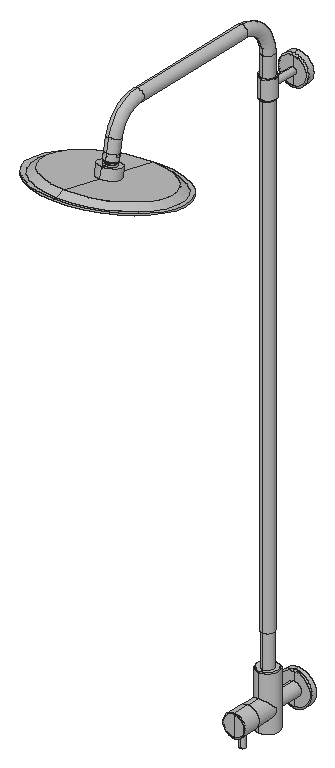
Revit family "Reece_Shower_Milli_Inox_Overhead Rail Shower", category Plumbing Fixtures, Revit 2018 (continued)
Definition of nested family "Reece_Shower_Milli_Inox_Shower Head_250 mm_Nested"
  Forms (mm)
    Revolve 102, solid, material <- "Reece_Material_Main", detail levels fine
      sketch origin (54.852, -168.816, 0) x (0, 1, 0) y (0, 0, 1)
        loop
          line (84.406, 47.5) -> (84.406, 53.464) -> (83.54, 53.464) -> (83.54, 54.266) -> (82.732, 54.266)
          arc (82.732, 54.266) -> (82.288, 50.832) -> (81.352, 47.5) r 23.819
          line (81.352, 47.5) -> (84.406, 47.5)
        axis (84.406, 47.5) -> (84.406, 54.266)
      angle from 0 to 360
    Revolve 103, solid, material <- "Reece_Material_Main", detail levels fine
      sketch origin (68.8, -158.162, 0) x (0, 1, 0) y (0, 0, 1)
        loop
          line (84.406, 47.5) -> (84.406, 53.464) -> (83.54, 53.464) -> (83.54, 54.266) -> (82.732, 54.266)
          arc (82.732, 54.266) -> (82.288, 50.832) -> (81.352, 47.5) r 23.819
          line (81.352, 47.5) -> (84.406, 47.5)
        axis (84.406, 47.5) -> (84.406, 54.266)
      angle from 0 to 360
    Revolve 104, solid, material <- "Reece_Material_Main", detail levels fine
      sketch origin (80.523, -144.987, 0) x (0, 1, 0) y (0, 0, 1)
        loop
          line (84.406, 47.5) -> (84.406, 53.464) -> (83.54, 53.464) -> (83.54, 54.266) -> (82.732, 54.266)
          arc (82.732, 54.266) -> (82.288, 50.832) -> (81.352, 47.5) r 23.819
          line (81.352, 47.5) -> (84.406, 47.5)
        axis (84.406, 47.5) -> (84.406, 54.266)
      angle from 0 to 360
  Cuts and joins
    Extrusion 93 cuts Revolve 3
    joined: Revolve 2, Revolve 3
  Text (mm)
    text "Reece Copyright © 2018, Reece Ltd." at (-323.41, -223.434, 0), in view "Ref. Level"
    text "Reece ©" at (290.323, 26.521, 334.836), in view "Reece_Preview"
  Dimensions and locks
    equal spacing: plane 7, plane 1 "Center (Front/Back)", plane 6
    equal spacing: plane 4, plane 3 "Center (Left/Right)", plane 5
    plane 4 to plane 5 = 250 mm  (x2)
    plane 9 to level = 47.5 mm
    plane 5 to plane 4 = 250 mm
    plane 6 to plane 7 = 250 mm  (x2)
    plane 7 to plane 6 = 250 mm
    plane 8 to plane 9 = 11.5 mm
    cut or joined group of Revolve 2, Revolve 3, Extrusion 93 to cut or joined group of Revolve 2, Revolve 3, Extrusion 93 to plane 9 = 9 mm, 2.5 mm
    plane 9 to cut or joined group of Revolve 2, Revolve 3, Extrusion 93 to cut or joined group of Revolve 2, Revolve 3, Extrusion 93 = 2.5 mm, 9 mm
    plane 9 to plane 8 = 11.5 mm
    aligned and locked: plane 2 to Extrusion 1
    aligned and locked: level to Extrusion 1
    aligned and locked: Revolve 2 sketch curve to plane 1 "Center (Front/Back)"
  Automatic sketch dimensions
    Extrusion 1 sketch curve to Extrusion 1 sketch curve = 407.898 mm
    Extrusion 1 sketch curve to Extrusion 1 sketch curve = 410.737 mm
    Revolve 2 sketch curve to plane 1 "Center (Front/Back)" = 0 mm
    plane 8 to Revolve 2 sketch curve = 0 mm
    Revolve 2 sketch curve to plane 9 = 0 mm
    Revolve 2 sketch curve to plane 6 = 21.857 mm
    plane 9 to Revolve 2 sketch curve = 2.5 mm
    Revolve 2 sketch curve to plane 6 = 7.998 mm
    Revolve 2 sketch curve to level = 19.956 mm
    Revolve 2 sketch curve to Revolve 2 sketch curve = 93.544 mm
    Revolve 3 sketch curve to level = 0 mm
    Revolve 3 sketch curve to plane 1 "Center (Front/Back)" = 0 mm  (x2)
    plane 8 to Revolve 3 sketch curve = 0 mm
    Revolve 3 sketch curve to plane 1 "Center (Front/Back)" = 8.5 mm
    Revolve 3 sketch curve to Revolve 3 sketch curve = 2.5 mm  (x2)
    Revolve 3 sketch curve to Revolve 3 sketch curve = 1 mm
    Revolve 3 sketch curve to Revolve 3 sketch curve = 9 mm
    Revolve 3 sketch curve to Revolve 3 sketch curve = 10.5 mm
    Revolve 3 sketch curve to Revolve 3 sketch curve = 2 mm
    Revolve 3 sketch curve to Revolve 3 sketch curve = 3 mm
    Revolve 3 sketch curve to Revolve 3 sketch curve = 1.166 mm
    Revolve 3 sketch curve to Revolve 3 sketch curve = 1.834 mm
    Revolve 3 sketch curve to level = 18.103 mm
    Revolve 3 sketch curve to plane 9 = 2.648 mm
    Revolve 4 sketch curve to plane 9 = 0 mm  (x2)
    Revolve 4 sketch curve to plane 9 = 8.093 mm
    plane 1 "Center (Front/Back)" to Revolve 4 sketch curve = 20.141 mm
    Revolve 4 sketch curve to plane 1 "Center (Front/Back)" = 2.261 mm
    Revolve 4 sketch curve to plane 1 "Center (Front/Back)" = 3.641 mm
    Revolve 4 sketch curve to Revolve 4 sketch curve = 0.808 mm
    Revolve 4 sketch curve to Revolve 4 sketch curve = 3.055 mm
    Revolve 4 sketch curve to Revolve 4 sketch curve = 0.802 mm
    Revolve 4 sketch curve to Revolve 4 sketch curve = 0 mm  (x2)
    Revolve 5 sketch curve to plane 9 = 0 mm  (x2)
    Revolve 5 sketch curve to plane 9 = 8.093 mm
    Revolve 5 sketch curve to plane 1 "Center (Front/Back)" = 19.789 mm
    plane 1 "Center (Front/Back)" to Revolve 5 sketch curve = 2.612 mm
    plane 1 "Center (Front/Back)" to Revolve 5 sketch curve = 3.992 mm
    Revolve 5 sketch curve to Revolve 5 sketch curve = 0.808 mm
    Revolve 5 sketch curve to Revolve 5 sketch curve = 3.055 mm
    Revolve 5 sketch curve to Revolve 5 sketch curve = 0.802 mm
    Revolve 5 sketch curve to Revolve 5 sketch curve = 0 mm  (x2)
    plane 9 to Revolve 6 sketch curve = 0 mm  (x2)
    Revolve 6 sketch curve to plane 9 = 8.093 mm
    plane 1 "Center (Front/Back)" to Revolve 6 sketch curve = 20.085 mm
    Revolve 6 sketch curve to plane 1 "Center (Front/Back)" = 2.316 mm
    Revolve 6 sketch curve to plane 1 "Center (Front/Back)" = 3.696 mm
    Revolve 6 sketch curve to Revolve 6 sketch curve = 0.808 mm
    Revolve 6 sketch curve to Revolve 6 sketch curve = 3.055 mm
    Revolve 6 sketch curve to Revolve 6 sketch curve = 0.802 mm
    Revolve 6 sketch curve to Revolve 6 sketch curve = 0 mm  (x2)
    plane 9 to Revolve 7 sketch curve = 0 mm  (x2)
    Revolve 7 sketch curve to plane 9 = 8.093 mm
    Revolve 7 sketch curve to plane 1 "Center (Front/Back)" = 19.734 mm
    plane 1 "Center (Front/Back)" to Revolve 7 sketch curve = 2.668 mm
    plane 1 "Center (Front/Back)" to Revolve 7 sketch curve = 4.048 mm
    Revolve 7 sketch curve to Revolve 7 sketch curve = 0.808 mm
    Revolve 7 sketch curve to Revolve 7 sketch curve = 3.055 mm
    Revolve 7 sketch curve to Revolve 7 sketch curve = 0.802 mm
    Revolve 7 sketch curve to Revolve 7 sketch curve = 0 mm  (x2)
    Revolve 8 sketch curve to plane 9 = 0 mm  (x2)
    Revolve 8 sketch curve to plane 1 "Center (Front/Back)" = 3.601 mm
    Revolve 8 sketch curve to Revolve 8 sketch curve = 22.402 mm
    Revolve 8 sketch curve to plane 9 = 6.766 mm
    Revolve 8 sketch curve to Revolve 8 sketch curve = 1.38 mm
    Revolve 8 sketch curve to Revolve 8 sketch curve = 0.808 mm
    Revolve 8 sketch curve to Revolve 8 sketch curve = 3.055 mm
    Revolve 8 sketch curve to Revolve 8 sketch curve = 0.802 mm
    Revolve 8 sketch curve to Revolve 8 sketch curve = 0 mm  (x2)
    Revolve 9 sketch curve to plane 9 = 0 mm  (x2)
    plane 1 "Center (Front/Back)" to Revolve 9 sketch curve = 3.051 mm
    Revolve 9 sketch curve to Revolve 9 sketch curve = 22.402 mm
    Revolve 9 sketch curve to plane 9 = 6.766 mm
    Revolve 9 sketch curve to Revolve 9 sketch curve = 1.38 mm
    Revolve 9 sketch curve to Revolve 9 sketch curve = 0.808 mm
    Revolve 9 sketch curve to Revolve 9 sketch curve = 3.055 mm
    Revolve 9 sketch curve to Revolve 9 sketch curve = 0.802 mm
    Revolve 9 sketch curve to Revolve 9 sketch curve = 0 mm  (x2)
    Revolve 10 sketch curve to plane 9 = 0 mm  (x2)
    plane 1 "Center (Front/Back)" to Revolve 10 sketch curve = 15.716 mm
    Revolve 10 sketch curve to plane 1 "Center (Front/Back)" = 6.685 mm
    Revolve 10 sketch curve to plane 9 = 6.766 mm
    Revolve 10 sketch curve to Revolve 10 sketch curve = 1.38 mm
    Revolve 10 sketch curve to Revolve 10 sketch curve = 0.808 mm
    Revolve 10 sketch curve to Revolve 10 sketch curve = 3.055 mm
    Revolve 10 sketch curve to Revolve 10 sketch curve = 0.802 mm
    Revolve 10 sketch curve to Revolve 10 sketch curve = 0 mm  (x2)
    Revolve 11 sketch curve to plane 9 = 0 mm  (x2)
    Revolve 11 sketch curve to plane 9 = 8.093 mm
    plane 1 "Center (Front/Back)" to Revolve 11 sketch curve = 31.112 mm
    plane 1 "Center (Front/Back)" to Revolve 11 sketch curve = 8.71 mm
    Revolve 11 sketch curve to plane 9 = 6.766 mm
    Revolve 11 sketch curve to Revolve 11 sketch curve = 0.808 mm
    Revolve 11 sketch curve to Revolve 11 sketch curve = 3.055 mm
    Revolve 11 sketch curve to Revolve 11 sketch curve = 0.802 mm
    Revolve 11 sketch curve to Revolve 11 sketch curve = 0 mm  (x2)
    Revolve 12 sketch curve to plane 9 = 0 mm  (x2)
    Revolve 12 sketch curve to plane 9 = 8.093 mm
    plane 1 "Center (Front/Back)" to Revolve 12 sketch curve = 45.11 mm
    Revolve 12 sketch curve to Revolve 12 sketch curve = 22.402 mm
    Revolve 12 sketch curve to plane 9 = 6.766 mm
    Revolve 12 sketch curve to Revolve 12 sketch curve = 0.808 mm
    Revolve 12 sketch curve to Revolve 12 sketch curve = 3.055 mm
    Revolve 12 sketch curve to Revolve 12 sketch curve = 0.802 mm
    Revolve 12 sketch curve to Revolve 12 sketch curve = 0 mm  (x2)
    Revolve 13 sketch curve to plane 9 = 0 mm  (x2)
    Revolve 13 sketch curve to plane 9 = 8.093 mm
    plane 1 "Center (Front/Back)" to Revolve 13 sketch curve = 53.567 mm
    Revolve 13 sketch curve to Revolve 13 sketch curve = 22.402 mm
    Revolve 13 sketch curve to plane 9 = 6.766 mm
    Revolve 13 sketch curve to Revolve 13 sketch curve = 0.808 mm
    Revolve 13 sketch curve to Revolve 13 sketch curve = 3.055 mm
    Revolve 13 sketch curve to Revolve 13 sketch curve = 0.802 mm
    Revolve 13 sketch curve to Revolve 13 sketch curve = 0 mm  (x2)
    plane 9 to Revolve 14 sketch curve = 0 mm  (x2)
    Revolve 14 sketch curve to plane 1 "Center (Front/Back)" = 2.459 mm
    Revolve 14 sketch curve to Revolve 14 sketch curve = 22.402 mm
    Revolve 14 sketch curve to plane 9 = 6.766 mm
    Revolve 14 sketch curve to Revolve 14 sketch curve = 1.38 mm
    Revolve 14 sketch curve to Revolve 14 sketch curve = 0.808 mm
    Revolve 14 sketch curve to Revolve 14 sketch curve = 3.055 mm
    Revolve 14 sketch curve to Revolve 14 sketch curve = 0.802 mm
    Revolve 14 sketch curve to Revolve 14 sketch curve = 0 mm  (x2)
    plane 9 to Revolve 15 sketch curve = 0 mm  (x2)
    plane 1 "Center (Front/Back)" to Revolve 15 sketch curve = 6.256 mm
    Revolve 15 sketch curve to Revolve 15 sketch curve = 22.402 mm
    Revolve 15 sketch curve to plane 9 = 6.766 mm
    Revolve 15 sketch curve to Revolve 15 sketch curve = 1.38 mm
    Revolve 15 sketch curve to Revolve 15 sketch curve = 0.808 mm
    Revolve 15 sketch curve to Revolve 15 sketch curve = 3.055 mm
    Revolve 15 sketch curve to Revolve 15 sketch curve = 0.802 mm
    Revolve 15 sketch curve to Revolve 15 sketch curve = 0 mm  (x2)
    plane 9 to Revolve 16 sketch curve = 0 mm  (x2)
    plane 1 "Center (Front/Back)" to Revolve 16 sketch curve = 19.962 mm
    Revolve 16 sketch curve to plane 1 "Center (Front/Back)" = 2.439 mm
    Revolve 16 sketch curve to plane 9 = 6.766 mm
    Revolve 16 sketch curve to Revolve 16 sketch curve = 1.38 mm
    Revolve 16 sketch curve to Revolve 16 sketch curve = 0.808 mm
    Revolve 16 sketch curve to Revolve 16 sketch curve = 3.055 mm
    Revolve 16 sketch curve to Revolve 16 sketch curve = 0.802 mm
    Revolve 16 sketch curve to Revolve 16 sketch curve = 0 mm  (x2)
    plane 9 to Revolve 17 sketch curve = 0 mm  (x2)
    Revolve 17 sketch curve to plane 9 = 8.093 mm
    plane 1 "Center (Front/Back)" to Revolve 17 sketch curve = 35.516 mm
    plane 1 "Center (Front/Back)" to Revolve 17 sketch curve = 13.115 mm
    Revolve 17 sketch curve to plane 9 = 6.766 mm
    Revolve 17 sketch curve to Revolve 17 sketch curve = 0.808 mm
    Revolve 17 sketch curve to Revolve 17 sketch curve = 3.055 mm
    Revolve 17 sketch curve to Revolve 17 sketch curve = 0.802 mm
    Revolve 17 sketch curve to Revolve 17 sketch curve = 0 mm  (x2)
    plane 9 to Revolve 18 sketch curve = 0 mm  (x2)
    Revolve 18 sketch curve to plane 9 = 8.093 mm
    plane 1 "Center (Front/Back)" to Revolve 18 sketch curve = 48.206 mm
    Revolve 18 sketch curve to Revolve 18 sketch curve = 22.402 mm
    Revolve 18 sketch curve to plane 9 = 6.766 mm
    Revolve 18 sketch curve to Revolve 18 sketch curve = 0.808 mm
    Revolve 18 sketch curve to Revolve 18 sketch curve = 3.055 mm
    Revolve 18 sketch curve to Revolve 18 sketch curve = 0.802 mm
    Revolve 18 sketch curve to Revolve 18 sketch curve = 0 mm  (x2)
    plane 9 to Revolve 19 sketch curve = 0 mm  (x2)
    Revolve 19 sketch curve to plane 9 = 8.093 mm
    plane 1 "Center (Front/Back)" to Revolve 19 sketch curve = 55.037 mm
    Revolve 19 sketch curve to Revolve 19 sketch curve = 22.402 mm
    Revolve 19 sketch curve to plane 9 = 6.766 mm
    Revolve 19 sketch curve to Revolve 19 sketch curve = 0.808 mm
    Revolve 19 sketch curve to Revolve 19 sketch curve = 3.055 mm
    Revolve 19 sketch curve to Revolve 19 sketch curve = 0.802 mm
    Revolve 19 sketch curve to Revolve 19 sketch curve = 0 mm  (x2)
    Revolve 20 sketch curve to plane 9 = 0 mm  (x2)
    Revolve 20 sketch curve to plane 9 = 8.093 mm
    Revolve 20 sketch curve to plane 1 "Center (Front/Back)" = 27.302 mm
    Revolve 20 sketch curve to Revolve 20 sketch curve = 22.402 mm
    Revolve 20 sketch curve to plane 9 = 6.766 mm
    Revolve 20 sketch curve to Revolve 20 sketch curve = 0.808 mm
    Revolve 20 sketch curve to Revolve 20 sketch curve = 3.055 mm
    Revolve 20 sketch curve to Revolve 20 sketch curve = 0.802 mm
    Revolve 20 sketch curve to Revolve 20 sketch curve = 0 mm  (x2)
    Revolve 21 sketch curve to plane 9 = 0 mm  (x2)
    Revolve 21 sketch curve to plane 9 = 8.093 mm
    Revolve 21 sketch curve to plane 1 "Center (Front/Back)" = 23.054 mm
    Revolve 21 sketch curve to Revolve 21 sketch curve = 22.402 mm
    Revolve 21 sketch curve to plane 9 = 6.766 mm
    Revolve 21 sketch curve to Revolve 21 sketch curve = 0.808 mm
    Revolve 21 sketch curve to Revolve 21 sketch curve = 3.055 mm
    Revolve 21 sketch curve to Revolve 21 sketch curve = 0.802 mm
    Revolve 21 sketch curve to Revolve 21 sketch curve = 0 mm  (x2)
    Revolve 22 sketch curve to plane 9 = 0 mm  (x2)
    Revolve 22 sketch curve to plane 9 = 8.093 mm
    Revolve 22 sketch curve to plane 1 "Center (Front/Back)" = 13.932 mm
    Revolve 22 sketch curve to Revolve 22 sketch curve = 22.402 mm
    Revolve 22 sketch curve to plane 9 = 6.766 mm
    Revolve 22 sketch curve to Revolve 22 sketch curve = 0.808 mm
    Revolve 22 sketch curve to Revolve 22 sketch curve = 3.055 mm
    Revolve 22 sketch curve to Revolve 22 sketch curve = 0.802 mm
    Revolve 22 sketch curve to Revolve 22 sketch curve = 0 mm  (x2)
    Revolve 23 sketch curve to plane 9 = 0 mm  (x2)
    Revolve 23 sketch curve to plane 1 "Center (Front/Back)" = 0.928 mm
    Revolve 23 sketch curve to Revolve 23 sketch curve = 22.402 mm
    Revolve 23 sketch curve to plane 9 = 6.766 mm
    Revolve 23 sketch curve to Revolve 23 sketch curve = 1.38 mm
    Revolve 23 sketch curve to Revolve 23 sketch curve = 0.808 mm
    Revolve 23 sketch curve to Revolve 23 sketch curve = 3.055 mm
    Revolve 23 sketch curve to Revolve 23 sketch curve = 0.802 mm
    Revolve 23 sketch curve to Revolve 23 sketch curve = 0 mm  (x2)
    Revolve 24 sketch curve to plane 9 = 0 mm  (x2)
    plane 1 "Center (Front/Back)" to Revolve 24 sketch curve = 14.176 mm
    Revolve 24 sketch curve to plane 1 "Center (Front/Back)" = 8.225 mm
    Revolve 24 sketch curve to plane 9 = 6.766 mm
    Revolve 24 sketch curve to Revolve 24 sketch curve = 1.38 mm
    Revolve 24 sketch curve to Revolve 24 sketch curve = 0.808 mm
    Revolve 24 sketch curve to Revolve 24 sketch curve = 3.055 mm
    Revolve 24 sketch curve to Revolve 24 sketch curve = 0.802 mm
    Revolve 24 sketch curve to Revolve 24 sketch curve = 0 mm  (x2)
    Revolve 25 sketch curve to plane 9 = 0 mm  (x2)
    Revolve 25 sketch curve to plane 9 = 8.093 mm
    plane 1 "Center (Front/Back)" to Revolve 25 sketch curve = 31.352 mm
    plane 1 "Center (Front/Back)" to Revolve 25 sketch curve = 8.95 mm
    Revolve 25 sketch curve to plane 9 = 6.766 mm
    Revolve 25 sketch curve to Revolve 25 sketch curve = 0.808 mm
    Revolve 25 sketch curve to Revolve 25 sketch curve = 3.055 mm
    Revolve 25 sketch curve to Revolve 25 sketch curve = 0.802 mm
    Revolve 25 sketch curve to Revolve 25 sketch curve = 0 mm  (x2)
    Revolve 26 sketch curve to plane 9 = 0 mm  (x2)
    Revolve 26 sketch curve to plane 9 = 8.093 mm
    plane 1 "Center (Front/Back)" to Revolve 26 sketch curve = 48.128 mm
    Revolve 26 sketch curve to Revolve 26 sketch curve = 22.402 mm
    Revolve 26 sketch curve to plane 9 = 6.766 mm
    Revolve 26 sketch curve to Revolve 26 sketch curve = 0.808 mm
    Revolve 26 sketch curve to Revolve 26 sketch curve = 3.055 mm
    Revolve 26 sketch curve to Revolve 26 sketch curve = 0.802 mm
    Revolve 26 sketch curve to Revolve 26 sketch curve = 0 mm  (x2)
    Revolve 27 sketch curve to plane 9 = 0 mm  (x2)
    Revolve 27 sketch curve to plane 9 = 8.093 mm
    plane 1 "Center (Front/Back)" to Revolve 27 sketch curve = 61.349 mm
    Revolve 27 sketch curve to Revolve 27 sketch curve = 22.402 mm
    Revolve 27 sketch curve to plane 9 = 6.766 mm
    Revolve 27 sketch curve to Revolve 27 sketch curve = 0.808 mm
    Revolve 27 sketch curve to Revolve 27 sketch curve = 3.055 mm
    Revolve 27 sketch curve to Revolve 27 sketch curve = 0.802 mm
    Revolve 27 sketch curve to Revolve 27 sketch curve = 0 mm  (x2)
    Revolve 28 sketch curve to plane 9 = 0 mm  (x2)
    Revolve 28 sketch curve to plane 9 = 8.093 mm
    Revolve 28 sketch curve to plane 7 = 53.308 mm
    Revolve 28 sketch curve to Revolve 28 sketch curve = 22.402 mm
    Revolve 28 sketch curve to plane 9 = 6.766 mm
    Revolve 28 sketch curve to Revolve 28 sketch curve = 0.808 mm
    Revolve 28 sketch curve to Revolve 28 sketch curve = 3.055 mm
    Revolve 28 sketch curve to Revolve 28 sketch curve = 0.802 mm
    Revolve 28 sketch curve to Revolve 28 sketch curve = 0 mm  (x2)
    Revolve 29 sketch curve to plane 9 = 0 mm  (x2)
    Revolve 29 sketch curve to plane 9 = 8.093 mm
    Revolve 29 sketch curve to plane 7 = 46.336 mm
    Revolve 29 sketch curve to Revolve 29 sketch curve = 22.402 mm
    Revolve 29 sketch curve to plane 9 = 6.766 mm
    Revolve 29 sketch curve to Revolve 29 sketch curve = 0.808 mm
    Revolve 29 sketch curve to Revolve 29 sketch curve = 3.055 mm
    Revolve 29 sketch curve to Revolve 29 sketch curve = 0.802 mm
    Revolve 29 sketch curve to Revolve 29 sketch curve = 0 mm  (x2)
    Revolve 30 sketch curve to plane 9 = 0 mm  (x2)
    Revolve 30 sketch curve to plane 9 = 8.093 mm
    Revolve 30 sketch curve to plane 7 = 50.625 mm
    Revolve 30 sketch curve to Revolve 30 sketch curve = 22.402 mm
    Revolve 30 sketch curve to plane 9 = 6.766 mm
    Revolve 30 sketch curve to Revolve 30 sketch curve = 0.808 mm
    Revolve 30 sketch curve to Revolve 30 sketch curve = 3.055 mm
    Revolve 30 sketch curve to Revolve 30 sketch curve = 0.802 mm
    Revolve 30 sketch curve to Revolve 30 sketch curve = 0 mm  (x2)
    Revolve 31 sketch curve to plane 9 = 0 mm  (x2)
    Revolve 31 sketch curve to plane 9 = 8.093 mm
    Revolve 31 sketch curve to plane 7 = 59.641 mm
    Revolve 31 sketch curve to Revolve 31 sketch curve = 22.402 mm
    Revolve 31 sketch curve to plane 9 = 6.766 mm
    Revolve 31 sketch curve to Revolve 31 sketch curve = 0.808 mm
    Revolve 31 sketch curve to Revolve 31 sketch curve = 3.055 mm
    Revolve 31 sketch curve to Revolve 31 sketch curve = 0.802 mm
    Revolve 31 sketch curve to Revolve 31 sketch curve = 0 mm  (x2)
    Revolve 32 sketch curve to plane 9 = 0 mm  (x2)
    Revolve 32 sketch curve to plane 9 = 8.093 mm
    plane 1 "Center (Front/Back)" to Revolve 32 sketch curve = 77.693 mm
    Revolve 32 sketch curve to Revolve 32 sketch curve = 22.402 mm
    Revolve 32 sketch curve to plane 9 = 6.766 mm
    Revolve 32 sketch curve to Revolve 32 sketch curve = 0.808 mm
    Revolve 32 sketch curve to Revolve 32 sketch curve = 3.055 mm
    Revolve 32 sketch curve to Revolve 32 sketch curve = 0.802 mm
    Revolve 32 sketch curve to Revolve 32 sketch curve = 0 mm  (x2)
    Revolve 33 sketch curve to plane 9 = 0 mm  (x2)
    Revolve 33 sketch curve to plane 9 = 8.093 mm
    plane 1 "Center (Front/Back)" to Revolve 33 sketch curve = 52.601 mm
    Revolve 33 sketch curve to Revolve 33 sketch curve = 22.402 mm
    Revolve 33 sketch curve to plane 9 = 6.766 mm
    Revolve 33 sketch curve to Revolve 33 sketch curve = 0.808 mm
    Revolve 33 sketch curve to Revolve 33 sketch curve = 3.055 mm
    Revolve 33 sketch curve to Revolve 33 sketch curve = 0.802 mm
    Revolve 33 sketch curve to Revolve 33 sketch curve = 0 mm  (x2)
    Revolve 34 sketch curve to plane 9 = 0 mm  (x2)
    Revolve 34 sketch curve to plane 9 = 8.093 mm
    plane 1 "Center (Front/Back)" to Revolve 34 sketch curve = 36.664 mm
    plane 1 "Center (Front/Back)" to Revolve 34 sketch curve = 14.263 mm
    Revolve 34 sketch curve to plane 9 = 6.766 mm
    Revolve 34 sketch curve to Revolve 34 sketch curve = 0.808 mm
    Revolve 34 sketch curve to Revolve 34 sketch curve = 3.055 mm
    Revolve 34 sketch curve to Revolve 34 sketch curve = 0.802 mm
    Revolve 34 sketch curve to Revolve 34 sketch curve = 0 mm  (x2)
    Revolve 35 sketch curve to plane 9 = 0 mm  (x2)
    Revolve 35 sketch curve to plane 9 = 8.093 mm
    plane 1 "Center (Front/Back)" to Revolve 35 sketch curve = 20.166 mm
    Revolve 35 sketch curve to plane 1 "Center (Front/Back)" = 2.235 mm
    Revolve 35 sketch curve to plane 1 "Center (Front/Back)" = 3.615 mm
    Revolve 35 sketch curve to Revolve 35 sketch curve = 0.808 mm
    Revolve 35 sketch curve to Revolve 35 sketch curve = 3.055 mm
    Revolve 35 sketch curve to Revolve 35 sketch curve = 0.802 mm
    Revolve 35 sketch curve to Revolve 35 sketch curve = 0 mm  (x2)
    Revolve 36 sketch curve to plane 9 = 0 mm  (x2)
    plane 1 "Center (Front/Back)" to Revolve 36 sketch curve = 4.186 mm
    Revolve 36 sketch curve to plane 1 "Center (Front/Back)" = 18.215 mm
    Revolve 36 sketch curve to plane 9 = 6.766 mm
    Revolve 36 sketch curve to Revolve 36 sketch curve = 1.38 mm
    Revolve 36 sketch curve to Revolve 36 sketch curve = 0.808 mm
    Revolve 36 sketch curve to Revolve 36 sketch curve = 3.055 mm
    Revolve 36 sketch curve to Revolve 36 sketch curve = 0.802 mm
    Revolve 36 sketch curve to Revolve 36 sketch curve = 0 mm  (x2)
    Revolve 37 sketch curve to plane 9 = 0 mm  (x2)
    Revolve 37 sketch curve to plane 9 = 8.093 mm
    Revolve 37 sketch curve to plane 1 "Center (Front/Back)" = 9.615 mm
    Revolve 37 sketch curve to Revolve 37 sketch curve = 22.402 mm
    Revolve 37 sketch curve to plane 9 = 6.766 mm
    Revolve 37 sketch curve to Revolve 37 sketch curve = 0.808 mm
    Revolve 37 sketch curve to Revolve 37 sketch curve = 3.055 mm
    Revolve 37 sketch curve to Revolve 37 sketch curve = 0.802 mm
    Revolve 37 sketch curve to Revolve 37 sketch curve = 0 mm  (x2)
    Revolve 38 sketch curve to plane 9 = 0 mm  (x2)
    Revolve 38 sketch curve to plane 9 = 8.093 mm
    Revolve 38 sketch curve to plane 1 "Center (Front/Back)" = 20.272 mm
    Revolve 38 sketch curve to Revolve 38 sketch curve = 22.402 mm
    Revolve 38 sketch curve to plane 9 = 6.766 mm
    Revolve 38 sketch curve to Revolve 38 sketch curve = 0.808 mm
    Revolve 38 sketch curve to Revolve 38 sketch curve = 3.055 mm
    Revolve 38 sketch curve to Revolve 38 sketch curve = 0.802 mm
    Revolve 38 sketch curve to Revolve 38 sketch curve = 0 mm  (x2)
    Revolve 39 sketch curve to plane 9 = 0 mm  (x2)
    Revolve 39 sketch curve to plane 9 = 8.093 mm
    Revolve 39 sketch curve to plane 1 "Center (Front/Back)" = 26.334 mm
    Revolve 39 sketch curve to Revolve 39 sketch curve = 22.402 mm
    Revolve 39 sketch curve to plane 9 = 6.766 mm
    Revolve 39 sketch curve to Revolve 39 sketch curve = 0.808 mm
    Revolve 39 sketch curve to Revolve 39 sketch curve = 3.055 mm
    Revolve 39 sketch curve to Revolve 39 sketch curve = 0.802 mm
    Revolve 39 sketch curve to Revolve 39 sketch curve = 0 mm  (x2)
    Revolve 40 sketch curve to plane 9 = 0 mm  (x2)
    Revolve 40 sketch curve to plane 9 = 8.093 mm
    Revolve 40 sketch curve to plane 1 "Center (Front/Back)" = 50.804 mm
    Revolve 40 sketch curve to Revolve 40 sketch curve = 22.402 mm
    Revolve 40 sketch curve to plane 9 = 6.766 mm
    Revolve 40 sketch curve to Revolve 40 sketch curve = 0.808 mm
    Revolve 40 sketch curve to Revolve 40 sketch curve = 3.055 mm
    Revolve 40 sketch curve to Revolve 40 sketch curve = 0.802 mm
    Revolve 40 sketch curve to Revolve 40 sketch curve = 0 mm  (x2)
    Revolve 41 sketch curve to plane 9 = 0 mm  (x2)
    Revolve 41 sketch curve to plane 9 = 8.093 mm
    Revolve 41 sketch curve to plane 1 "Center (Front/Back)" = 47.68 mm
    Revolve 41 sketch curve to Revolve 41 sketch curve = 22.402 mm
    Revolve 41 sketch curve to plane 9 = 6.766 mm
    Revolve 41 sketch curve to Revolve 41 sketch curve = 0.808 mm
    Revolve 41 sketch curve to Revolve 41 sketch curve = 3.055 mm
    Revolve 41 sketch curve to Revolve 41 sketch curve = 0.802 mm
    Revolve 41 sketch curve to Revolve 41 sketch curve = 0 mm  (x2)
    Revolve 42 sketch curve to plane 9 = 0 mm  (x2)
    Revolve 42 sketch curve to plane 9 = 8.093 mm
    Revolve 42 sketch curve to plane 1 "Center (Front/Back)" = 40.966 mm
    Revolve 42 sketch curve to Revolve 42 sketch curve = 22.402 mm
    Revolve 42 sketch curve to plane 9 = 6.766 mm
    Revolve 42 sketch curve to Revolve 42 sketch curve = 0.808 mm
    Revolve 42 sketch curve to Revolve 42 sketch curve = 3.055 mm
    Revolve 42 sketch curve to Revolve 42 sketch curve = 0.802 mm
    Revolve 42 sketch curve to Revolve 42 sketch curve = 0 mm  (x2)
    Revolve 43 sketch curve to plane 9 = 0 mm  (x2)
    Revolve 43 sketch curve to plane 9 = 8.093 mm
    Revolve 43 sketch curve to plane 1 "Center (Front/Back)" = 58.867 mm
    Revolve 43 sketch curve to Revolve 43 sketch curve = 22.402 mm
    Revolve 43 sketch curve to plane 9 = 6.766 mm
    Revolve 43 sketch curve to Revolve 43 sketch curve = 0.808 mm
    Revolve 43 sketch curve to Revolve 43 sketch curve = 3.055 mm
    Revolve 43 sketch curve to Revolve 43 sketch curve = 0.802 mm
    Revolve 43 sketch curve to Revolve 43 sketch curve = 0 mm  (x2)
    Revolve 44 sketch curve to plane 9 = 0 mm  (x2)
    Revolve 44 sketch curve to plane 9 = 8.093 mm
    Revolve 44 sketch curve to plane 1 "Center (Front/Back)" = 34.776 mm
    Revolve 44 sketch curve to Revolve 44 sketch curve = 22.402 mm
    Revolve 44 sketch curve to plane 9 = 6.766 mm
    Revolve 44 sketch curve to Revolve 44 sketch curve = 0.808 mm
    Revolve 44 sketch curve to Revolve 44 sketch curve = 3.055 mm
    Revolve 44 sketch curve to Revolve 44 sketch curve = 0.802 mm
    Revolve 44 sketch curve to Revolve 44 sketch curve = 0 mm  (x2)
    Revolve 45 sketch curve to plane 9 = 0 mm  (x2)
    Revolve 45 sketch curve to plane 1 "Center (Front/Back)" = 19.972 mm
    Revolve 45 sketch curve to Revolve 45 sketch curve = 22.402 mm
    Revolve 45 sketch curve to plane 9 = 6.766 mm
    Revolve 45 sketch curve to Revolve 45 sketch curve = 1.38 mm
    Revolve 45 sketch curve to Revolve 45 sketch curve = 0.808 mm
    Revolve 45 sketch curve to Revolve 45 sketch curve = 3.055 mm
    Revolve 45 sketch curve to Revolve 45 sketch curve = 0.802 mm
    Revolve 45 sketch curve to Revolve 45 sketch curve = 0 mm  (x2)
    Revolve 46 sketch curve to plane 9 = 0 mm  (x2)
    plane 1 "Center (Front/Back)" to Revolve 46 sketch curve = 13.548 mm
    Revolve 46 sketch curve to plane 1 "Center (Front/Back)" = 8.854 mm
    Revolve 46 sketch curve to plane 9 = 6.766 mm
    Revolve 46 sketch curve to Revolve 46 sketch curve = 1.38 mm
    Revolve 46 sketch curve to Revolve 46 sketch curve = 0.808 mm
    Revolve 46 sketch curve to Revolve 46 sketch curve = 3.055 mm
    Revolve 46 sketch curve to Revolve 46 sketch curve = 0.802 mm
    Revolve 46 sketch curve to Revolve 46 sketch curve = 0 mm  (x2)
    Revolve 47 sketch curve to plane 9 = 0 mm  (x2)
    Revolve 47 sketch curve to plane 9 = 8.093 mm
    plane 1 "Center (Front/Back)" to Revolve 47 sketch curve = 30.887 mm
    plane 1 "Center (Front/Back)" to Revolve 47 sketch curve = 8.485 mm
    Revolve 47 sketch curve to plane 9 = 6.766 mm
    Revolve 47 sketch curve to Revolve 47 sketch curve = 0.808 mm
    Revolve 47 sketch curve to Revolve 47 sketch curve = 3.055 mm
    Revolve 47 sketch curve to Revolve 47 sketch curve = 0.802 mm
    Revolve 47 sketch curve to Revolve 47 sketch curve = 0 mm  (x2)
    Revolve 48 sketch curve to plane 9 = 0 mm  (x2)
    Revolve 48 sketch curve to plane 9 = 8.093 mm
    plane 1 "Center (Front/Back)" to Revolve 48 sketch curve = 48.408 mm
    Revolve 48 sketch curve to Revolve 48 sketch curve = 22.402 mm
    Revolve 48 sketch curve to plane 9 = 6.766 mm
    Revolve 48 sketch curve to Revolve 48 sketch curve = 0.808 mm
    Revolve 48 sketch curve to Revolve 48 sketch curve = 3.055 mm
    Revolve 48 sketch curve to Revolve 48 sketch curve = 0.802 mm
    Revolve 48 sketch curve to Revolve 48 sketch curve = 0 mm  (x2)
    Revolve 49 sketch curve to plane 9 = 0 mm  (x2)
    Revolve 49 sketch curve to plane 9 = 8.093 mm
    plane 1 "Center (Front/Back)" to Revolve 49 sketch curve = 65.086 mm
    Revolve 49 sketch curve to Revolve 49 sketch curve = 22.402 mm
    Revolve 49 sketch curve to plane 9 = 6.766 mm
    Revolve 49 sketch curve to Revolve 49 sketch curve = 0.808 mm
    Revolve 49 sketch curve to Revolve 49 sketch curve = 3.055 mm
    Revolve 49 sketch curve to Revolve 49 sketch curve = 0.802 mm
    Revolve 49 sketch curve to Revolve 49 sketch curve = 0 mm  (x2)
    Revolve 50 sketch curve to plane 9 = 0 mm  (x2)
    Revolve 50 sketch curve to plane 9 = 8.093 mm
    Revolve 50 sketch curve to plane 7 = 61.072 mm
    Revolve 50 sketch curve to Revolve 50 sketch curve = 22.402 mm
    Revolve 50 sketch curve to plane 9 = 6.766 mm
    Revolve 50 sketch curve to Revolve 50 sketch curve = 0.808 mm
    Revolve 50 sketch curve to Revolve 50 sketch curve = 3.055 mm
    Revolve 50 sketch curve to Revolve 50 sketch curve = 0.802 mm
    Revolve 50 sketch curve to Revolve 50 sketch curve = 0 mm  (x2)
    Revolve 51 sketch curve to plane 9 = 0 mm  (x2)
    Revolve 51 sketch curve to plane 9 = 8.093 mm
    Revolve 51 sketch curve to plane 7 = 47.126 mm
    Revolve 51 sketch curve to Revolve 51 sketch curve = 22.402 mm
    Revolve 51 sketch curve to plane 9 = 6.766 mm
    Revolve 51 sketch curve to Revolve 51 sketch curve = 0.808 mm
    Revolve 51 sketch curve to Revolve 51 sketch curve = 3.055 mm
    Revolve 51 sketch curve to Revolve 51 sketch curve = 0.802 mm
    Revolve 51 sketch curve to Revolve 51 sketch curve = 0 mm  (x2)
    Revolve 52 sketch curve to plane 9 = 0 mm  (x2)
    Revolve 52 sketch curve to plane 9 = 8.093 mm
    Revolve 52 sketch curve to plane 7 = 27.665 mm
    Revolve 52 sketch curve to Revolve 52 sketch curve = 22.402 mm
    Revolve 52 sketch curve to plane 9 = 6.766 mm
    Revolve 52 sketch curve to Revolve 52 sketch curve = 0.808 mm
    Revolve 52 sketch curve to Revolve 52 sketch curve = 3.055 mm
    Revolve 52 sketch curve to Revolve 52 sketch curve = 0.802 mm
    Revolve 52 sketch curve to Revolve 52 sketch curve = 0 mm  (x2)
    Revolve 53 sketch curve to plane 9 = 0 mm  (x2)
    Revolve 53 sketch curve to plane 9 = 8.093 mm
    Revolve 53 sketch curve to plane 7 = 23.002 mm
    Revolve 53 sketch curve to Revolve 53 sketch curve = 22.402 mm
    Revolve 53 sketch curve to plane 9 = 6.766 mm
    Revolve 53 sketch curve to Revolve 53 sketch curve = 0.808 mm
    Revolve 53 sketch curve to Revolve 53 sketch curve = 3.055 mm
    Revolve 53 sketch curve to Revolve 53 sketch curve = 0.802 mm
    Revolve 53 sketch curve to Revolve 53 sketch curve = 0 mm  (x2)
    Revolve 54 sketch curve to plane 9 = 0 mm  (x2)
    Revolve 54 sketch curve to plane 9 = 8.093 mm
    Revolve 54 sketch curve to plane 7 = 22.502 mm
    Revolve 54 sketch curve to Revolve 54 sketch curve = 22.402 mm
    Revolve 54 sketch curve to plane 9 = 6.766 mm
    Revolve 54 sketch curve to Revolve 54 sketch curve = 0.808 mm
    Revolve 54 sketch curve to Revolve 54 sketch curve = 3.055 mm
    Revolve 54 sketch curve to Revolve 54 sketch curve = 0.802 mm
    Revolve 54 sketch curve to Revolve 54 sketch curve = 0 mm  (x2)
    Revolve 55 sketch curve to plane 9 = 0 mm  (x2)
    Revolve 55 sketch curve to plane 9 = 8.093 mm
    Revolve 55 sketch curve to plane 7 = 25.642 mm
    Revolve 55 sketch curve to Revolve 55 sketch curve = 22.402 mm
    Revolve 55 sketch curve to plane 9 = 6.766 mm
    Revolve 55 sketch curve to Revolve 55 sketch curve = 0.808 mm
    Revolve 55 sketch curve to Revolve 55 sketch curve = 3.055 mm
    Revolve 55 sketch curve to Revolve 55 sketch curve = 0.802 mm
    Revolve 55 sketch curve to Revolve 55 sketch curve = 0 mm  (x2)
    Revolve 56 sketch curve to plane 9 = 0 mm  (x2)
    Revolve 56 sketch curve to plane 9 = 8.093 mm
    Revolve 56 sketch curve to plane 7 = 32.348 mm
    Revolve 56 sketch curve to Revolve 56 sketch curve = 22.402 mm
    Revolve 56 sketch curve to plane 9 = 6.766 mm
    Revolve 56 sketch curve to Revolve 56 sketch curve = 0.808 mm
    Revolve 56 sketch curve to Revolve 56 sketch curve = 3.055 mm
    Revolve 56 sketch curve to Revolve 56 sketch curve = 0.802 mm
    Revolve 56 sketch curve to Revolve 56 sketch curve = 0 mm  (x2)
    Revolve 57 sketch curve to plane 9 = 0 mm  (x2)
    Revolve 57 sketch curve to plane 9 = 8.093 mm
    Revolve 57 sketch curve to plane 7 = 55.724 mm
    Revolve 57 sketch curve to Revolve 57 sketch curve = 22.402 mm
    Revolve 57 sketch curve to plane 9 = 6.766 mm
    Revolve 57 sketch curve to Revolve 57 sketch curve = 0.808 mm
    Revolve 57 sketch curve to Revolve 57 sketch curve = 3.055 mm
    Revolve 57 sketch curve to Revolve 57 sketch curve = 0.802 mm
    Revolve 57 sketch curve to Revolve 57 sketch curve = 0 mm  (x2)
    Revolve 58 sketch curve to plane 9 = 0 mm  (x2)
    Revolve 58 sketch curve to plane 9 = 8.093 mm
    Revolve 58 sketch curve to plane 7 = 71 mm
    Revolve 58 sketch curve to Revolve 58 sketch curve = 22.402 mm
    Revolve 58 sketch curve to plane 9 = 6.766 mm
    Revolve 58 sketch curve to Revolve 58 sketch curve = 0.808 mm
    Revolve 58 sketch curve to Revolve 58 sketch curve = 3.055 mm
    Revolve 58 sketch curve to Revolve 58 sketch curve = 0.802 mm
    Revolve 58 sketch curve to Revolve 58 sketch curve = 0 mm  (x2)
    Revolve 59 sketch curve to plane 9 = 0 mm  (x2)
    Revolve 59 sketch curve to plane 9 = 8.093 mm
    plane 1 "Center (Front/Back)" to Revolve 59 sketch curve = 37.625 mm
    plane 1 "Center (Front/Back)" to Revolve 59 sketch curve = 15.224 mm
    Revolve 59 sketch curve to plane 9 = 6.766 mm
    Revolve 59 sketch curve to Revolve 59 sketch curve = 0.808 mm
    Revolve 59 sketch curve to Revolve 59 sketch curve = 3.055 mm
    Revolve 59 sketch curve to Revolve 59 sketch curve = 0.802 mm
    Revolve 59 sketch curve to Revolve 59 sketch curve = 0 mm  (x2)
    Revolve 60 sketch curve to plane 9 = 0 mm  (x2)
    Revolve 60 sketch curve to plane 9 = 8.093 mm
    plane 1 "Center (Front/Back)" to Revolve 60 sketch curve = 20.323 mm
    Revolve 60 sketch curve to plane 1 "Center (Front/Back)" = 2.079 mm
    Revolve 60 sketch curve to plane 1 "Center (Front/Back)" = 3.459 mm
    Revolve 60 sketch curve to Revolve 60 sketch curve = 0.808 mm
    Revolve 60 sketch curve to Revolve 60 sketch curve = 3.055 mm
    Revolve 60 sketch curve to Revolve 60 sketch curve = 0.802 mm
    Revolve 60 sketch curve to Revolve 60 sketch curve = 0 mm  (x2)
    Revolve 61 sketch curve to plane 9 = 0 mm  (x2)
    plane 1 "Center (Front/Back)" to Revolve 61 sketch curve = 3.349 mm
    Revolve 61 sketch curve to Revolve 61 sketch curve = 22.402 mm
    Revolve 61 sketch curve to plane 9 = 6.766 mm
    Revolve 61 sketch curve to Revolve 61 sketch curve = 1.38 mm
    Revolve 61 sketch curve to Revolve 61 sketch curve = 0.808 mm
    Revolve 61 sketch curve to Revolve 61 sketch curve = 3.055 mm
    Revolve 61 sketch curve to Revolve 61 sketch curve = 0.802 mm
    Revolve 61 sketch curve to Revolve 61 sketch curve = 0 mm  (x2)
    Revolve 62 sketch curve to plane 9 = 0 mm  (x2)
    Revolve 62 sketch curve to plane 9 = 8.093 mm
    Revolve 62 sketch curve to plane 1 "Center (Front/Back)" = 12.442 mm
    Revolve 62 sketch curve to Revolve 62 sketch curve = 22.402 mm
    Revolve 62 sketch curve to plane 9 = 6.766 mm
    Revolve 62 sketch curve to Revolve 62 sketch curve = 0.808 mm
    Revolve 62 sketch curve to Revolve 62 sketch curve = 3.055 mm
    Revolve 62 sketch curve to Revolve 62 sketch curve = 0.802 mm
    Revolve 62 sketch curve to Revolve 62 sketch curve = 0 mm  (x2)
    Revolve 63 sketch curve to plane 9 = 0 mm  (x2)
    Revolve 63 sketch curve to plane 9 = 8.093 mm
    Revolve 63 sketch curve to plane 1 "Center (Front/Back)" = 26.505 mm
    Revolve 63 sketch curve to Revolve 63 sketch curve = 22.402 mm
    Revolve 63 sketch curve to plane 9 = 6.766 mm
    Revolve 63 sketch curve to Revolve 63 sketch curve = 0.808 mm
    Revolve 63 sketch curve to Revolve 63 sketch curve = 3.055 mm
    Revolve 63 sketch curve to Revolve 63 sketch curve = 0.802 mm
    Revolve 63 sketch curve to Revolve 63 sketch curve = 0 mm  (x2)
    Revolve 64 sketch curve to plane 9 = 0 mm  (x2)
    Revolve 64 sketch curve to plane 9 = 8.093 mm
    Revolve 64 sketch curve to plane 1 "Center (Front/Back)" = 37.706 mm
    Revolve 64 sketch curve to Revolve 64 sketch curve = 22.402 mm
    Revolve 64 sketch curve to plane 9 = 6.766 mm
    Revolve 64 sketch curve to Revolve 64 sketch curve = 0.808 mm
    Revolve 64 sketch curve to Revolve 64 sketch curve = 3.055 mm
    Revolve 64 sketch curve to Revolve 64 sketch curve = 0.802 mm
    Revolve 64 sketch curve to Revolve 64 sketch curve = 0 mm  (x2)
    Revolve 65 sketch curve to plane 9 = 0 mm  (x2)
    Revolve 65 sketch curve to plane 9 = 8.093 mm
    Revolve 65 sketch curve to plane 1 "Center (Front/Back)" = 45.934 mm
    Revolve 65 sketch curve to Revolve 65 sketch curve = 22.402 mm
    Revolve 65 sketch curve to plane 9 = 6.766 mm
    Revolve 65 sketch curve to Revolve 65 sketch curve = 0.808 mm
    Revolve 65 sketch curve to Revolve 65 sketch curve = 3.055 mm
    Revolve 65 sketch curve to Revolve 65 sketch curve = 0.802 mm
    Revolve 65 sketch curve to Revolve 65 sketch curve = 0 mm  (x2)
    Revolve 66 sketch curve to plane 9 = 0 mm  (x2)
    Revolve 66 sketch curve to plane 9 = 8.093 mm
    Revolve 66 sketch curve to plane 1 "Center (Front/Back)" = 50.485 mm
    Revolve 66 sketch curve to Revolve 66 sketch curve = 22.402 mm
    Revolve 66 sketch curve to plane 9 = 6.766 mm
    Revolve 66 sketch curve to Revolve 66 sketch curve = 0.808 mm
    Revolve 66 sketch curve to Revolve 66 sketch curve = 3.055 mm
    Revolve 66 sketch curve to Revolve 66 sketch curve = 0.802 mm
    Revolve 66 sketch curve to Revolve 66 sketch curve = 0 mm  (x2)
    Revolve 67 sketch curve to plane 9 = 0 mm  (x2)
    Revolve 67 sketch curve to plane 9 = 8.093 mm
    Revolve 67 sketch curve to plane 6 = 50.934 mm
    Revolve 67 sketch curve to Revolve 67 sketch curve = 22.402 mm
    Revolve 67 sketch curve to plane 9 = 6.766 mm
    Revolve 67 sketch curve to Revolve 67 sketch curve = 0.808 mm
    Revolve 67 sketch curve to Revolve 67 sketch curve = 3.055 mm
    Revolve 67 sketch curve to Revolve 67 sketch curve = 0.802 mm
    Revolve 67 sketch curve to Revolve 67 sketch curve = 0 mm  (x2)
    Revolve 68 sketch curve to plane 9 = 0 mm  (x2)
    Revolve 68 sketch curve to plane 9 = 8.093 mm
    Revolve 68 sketch curve to plane 6 = 60.683 mm
    Revolve 68 sketch curve to Revolve 68 sketch curve = 22.402 mm
    Revolve 68 sketch curve to plane 9 = 6.766 mm
    Revolve 68 sketch curve to Revolve 68 sketch curve = 0.808 mm
    Revolve 68 sketch curve to Revolve 68 sketch curve = 3.055 mm
    Revolve 68 sketch curve to Revolve 68 sketch curve = 0.802 mm
    Revolve 68 sketch curve to Revolve 68 sketch curve = 0 mm  (x2)
    Revolve 69 sketch curve to plane 9 = 0 mm  (x2)
    Revolve 69 sketch curve to plane 9 = 8.093 mm
    Revolve 69 sketch curve to plane 6 = 70.329 mm
    Revolve 69 sketch curve to Revolve 69 sketch curve = 22.402 mm
    Revolve 69 sketch curve to plane 9 = 6.766 mm
    Revolve 69 sketch curve to Revolve 69 sketch curve = 0.808 mm
    Revolve 69 sketch curve to Revolve 69 sketch curve = 3.055 mm
    Revolve 69 sketch curve to Revolve 69 sketch curve = 0.802 mm
    Revolve 69 sketch curve to Revolve 69 sketch curve = 0 mm  (x2)
    Revolve 70 sketch curve to plane 9 = 0 mm  (x2)
    Revolve 70 sketch curve to plane 9 = 8.093 mm
    Revolve 70 sketch curve to plane 1 "Center (Front/Back)" = 70.754 mm
    Revolve 70 sketch curve to Revolve 70 sketch curve = 22.402 mm
    Revolve 70 sketch curve to plane 9 = 6.766 mm
    Revolve 70 sketch curve to Revolve 70 sketch curve = 0.808 mm
    Revolve 70 sketch curve to Revolve 70 sketch curve = 3.055 mm
    Revolve 70 sketch curve to Revolve 70 sketch curve = 0.802 mm
    Revolve 70 sketch curve to Revolve 70 sketch curve = 0 mm  (x2)
    Revolve 71 sketch curve to plane 9 = 0 mm  (x2)
    Revolve 71 sketch curve to plane 9 = 8.093 mm
    Revolve 71 sketch curve to plane 1 "Center (Front/Back)" = 43.18 mm
    Revolve 71 sketch curve to Revolve 71 sketch curve = 22.402 mm
    Revolve 71 sketch curve to plane 9 = 6.766 mm
    Revolve 71 sketch curve to Revolve 71 sketch curve = 0.808 mm
    Revolve 71 sketch curve to Revolve 71 sketch curve = 3.055 mm
    Revolve 71 sketch curve to Revolve 71 sketch curve = 0.802 mm
    Revolve 71 sketch curve to Revolve 71 sketch curve = 0 mm  (x2)
    Revolve 72 sketch curve to plane 9 = 0 mm  (x2)
    Revolve 72 sketch curve to plane 9 = 8.093 mm
    Revolve 72 sketch curve to plane 1 "Center (Front/Back)" = 29.205 mm
    Revolve 72 sketch curve to Revolve 72 sketch curve = 22.402 mm
    Revolve 72 sketch curve to plane 9 = 6.766 mm
    Revolve 72 sketch curve to Revolve 72 sketch curve = 0.808 mm
    Revolve 72 sketch curve to Revolve 72 sketch curve = 3.055 mm
    Revolve 72 sketch curve to Revolve 72 sketch curve = 0.802 mm
    Revolve 72 sketch curve to Revolve 72 sketch curve = 0 mm  (x2)
    Revolve 73 sketch curve to plane 9 = 0 mm  (x2)
    Revolve 73 sketch curve to plane 9 = 8.093 mm
    Revolve 73 sketch curve to plane 1 "Center (Front/Back)" = 13.926 mm
    Revolve 73 sketch curve to Revolve 73 sketch curve = 22.402 mm
    Revolve 73 sketch curve to plane 9 = 6.766 mm
    Revolve 73 sketch curve to Revolve 73 sketch curve = 0.808 mm
    Revolve 73 sketch curve to Revolve 73 sketch curve = 3.055 mm
    Revolve 73 sketch curve to Revolve 73 sketch curve = 0.802 mm
    Revolve 73 sketch curve to Revolve 73 sketch curve = 0 mm  (x2)
    Revolve 74 sketch curve to plane 9 = 0 mm  (x2)
    plane 1 "Center (Front/Back)" to Revolve 74 sketch curve = 2.941 mm
    Revolve 74 sketch curve to Revolve 74 sketch curve = 22.402 mm
    Revolve 74 sketch curve to plane 9 = 6.766 mm
    Revolve 74 sketch curve to Revolve 74 sketch curve = 1.38 mm
    Revolve 74 sketch curve to Revolve 74 sketch curve = 0.808 mm
    Revolve 74 sketch curve to Revolve 74 sketch curve = 3.055 mm
    Revolve 74 sketch curve to Revolve 74 sketch curve = 0.802 mm
    Revolve 74 sketch curve to Revolve 74 sketch curve = 0 mm  (x2)
    Revolve 75 sketch curve to plane 9 = 0 mm  (x2)
    Revolve 75 sketch curve to plane 9 = 8.093 mm
    plane 1 "Center (Front/Back)" to Revolve 75 sketch curve = 20.361 mm
    Revolve 75 sketch curve to plane 1 "Center (Front/Back)" = 2.04 mm
    Revolve 75 sketch curve to plane 1 "Center (Front/Back)" = 3.421 mm
    Revolve 75 sketch curve to Revolve 75 sketch curve = 0.808 mm
    Revolve 75 sketch curve to Revolve 75 sketch curve = 3.055 mm
    Revolve 75 sketch curve to Revolve 75 sketch curve = 0.802 mm
    Revolve 75 sketch curve to Revolve 75 sketch curve = 0 mm  (x2)
    Revolve 76 sketch curve to plane 9 = 0 mm  (x2)
    Revolve 76 sketch curve to plane 9 = 8.093 mm
    plane 1 "Center (Front/Back)" to Revolve 76 sketch curve = 37.998 mm
    plane 1 "Center (Front/Back)" to Revolve 76 sketch curve = 15.597 mm
    Revolve 76 sketch curve to plane 9 = 6.766 mm
    Revolve 76 sketch curve to Revolve 76 sketch curve = 0.808 mm
    Revolve 76 sketch curve to Revolve 76 sketch curve = 3.055 mm
    Revolve 76 sketch curve to Revolve 76 sketch curve = 0.802 mm
    Revolve 76 sketch curve to Revolve 76 sketch curve = 0 mm  (x2)
    Revolve 77 sketch curve to plane 9 = 0 mm  (x2)
    Revolve 77 sketch curve to plane 9 = 8.093 mm
    Revolve 77 sketch curve to plane 7 = 70.026 mm
    Revolve 77 sketch curve to Revolve 77 sketch curve = 22.402 mm
    Revolve 77 sketch curve to plane 9 = 6.766 mm
    Revolve 77 sketch curve to Revolve 77 sketch curve = 0.808 mm
    Revolve 77 sketch curve to Revolve 77 sketch curve = 3.055 mm
    Revolve 77 sketch curve to Revolve 77 sketch curve = 0.802 mm
    Revolve 77 sketch curve to Revolve 77 sketch curve = 0 mm  (x2)
    Revolve 78 sketch curve to plane 9 = 0 mm  (x2)
    Revolve 78 sketch curve to plane 9 = 8.093 mm
    Revolve 78 sketch curve to plane 7 = 53.615 mm
    Revolve 78 sketch curve to Revolve 78 sketch curve = 22.402 mm
    Revolve 78 sketch curve to plane 9 = 6.766 mm
    Revolve 78 sketch curve to Revolve 78 sketch curve = 0.808 mm
    Revolve 78 sketch curve to Revolve 78 sketch curve = 3.055 mm
    Revolve 78 sketch curve to Revolve 78 sketch curve = 0.802 mm
    Revolve 78 sketch curve to Revolve 78 sketch curve = 0 mm  (x2)
    Revolve 79 sketch curve to plane 9 = 0 mm  (x2)
    Revolve 79 sketch curve to plane 9 = 8.093 mm
    Revolve 79 sketch curve to plane 7 = 6.741 mm
    Revolve 79 sketch curve to Revolve 79 sketch curve = 22.402 mm
    Revolve 79 sketch curve to plane 9 = 6.766 mm
    Revolve 79 sketch curve to Revolve 79 sketch curve = 0.808 mm
    Revolve 79 sketch curve to Revolve 79 sketch curve = 3.055 mm
    Revolve 79 sketch curve to Revolve 79 sketch curve = 0.802 mm
    Revolve 79 sketch curve to Revolve 79 sketch curve = 0 mm  (x2)
    Revolve 80 sketch curve to plane 9 = 0 mm  (x2)
    Revolve 80 sketch curve to plane 9 = 8.093 mm
    Revolve 80 sketch curve to plane 7 = 1.383 mm
    Revolve 80 sketch curve to Revolve 80 sketch curve = 22.402 mm
    Revolve 80 sketch curve to plane 9 = 6.766 mm
    Revolve 80 sketch curve to Revolve 80 sketch curve = 0.808 mm
    Revolve 80 sketch curve to Revolve 80 sketch curve = 3.055 mm
    Revolve 80 sketch curve to Revolve 80 sketch curve = 0.802 mm
    Revolve 80 sketch curve to Revolve 80 sketch curve = 0 mm  (x2)
    Revolve 81 sketch curve to plane 9 = 0 mm  (x2)
    plane 7 to Revolve 81 sketch curve = 1.208 mm
    Revolve 81 sketch curve to Revolve 81 sketch curve = 22.402 mm
    Revolve 81 sketch curve to plane 9 = 6.766 mm
    Revolve 81 sketch curve to Revolve 81 sketch curve = 1.38 mm
    Revolve 81 sketch curve to Revolve 81 sketch curve = 0.808 mm
    Revolve 81 sketch curve to Revolve 81 sketch curve = 3.055 mm
    Revolve 81 sketch curve to Revolve 81 sketch curve = 0.802 mm
    Revolve 81 sketch curve to Revolve 81 sketch curve = 0 mm  (x2)
    Revolve 82 sketch curve to plane 9 = 0 mm  (x2)
    plane 7 to Revolve 82 sketch curve = 0.374 mm
    Revolve 82 sketch curve to Revolve 82 sketch curve = 22.402 mm
    Revolve 82 sketch curve to plane 9 = 6.766 mm
    Revolve 82 sketch curve to Revolve 82 sketch curve = 1.38 mm
    Revolve 82 sketch curve to Revolve 82 sketch curve = 0.808 mm
    Revolve 82 sketch curve to Revolve 82 sketch curve = 3.055 mm
    Revolve 82 sketch curve to Revolve 82 sketch curve = 0.802 mm
    Revolve 82 sketch curve to Revolve 82 sketch curve = 0 mm  (x2)
    Revolve 83 sketch curve to plane 9 = 0 mm  (x2)
    Revolve 83 sketch curve to plane 7 = 2.972 mm
    Revolve 83 sketch curve to Revolve 83 sketch curve = 22.402 mm
    Revolve 83 sketch curve to plane 9 = 6.766 mm
    Revolve 83 sketch curve to Revolve 83 sketch curve = 1.38 mm
    Revolve 83 sketch curve to Revolve 83 sketch curve = 0.808 mm
    Revolve 83 sketch curve to Revolve 83 sketch curve = 3.055 mm
    Revolve 83 sketch curve to Revolve 83 sketch curve = 0.802 mm
    Revolve 83 sketch curve to Revolve 83 sketch curve = 0 mm  (x2)
    Revolve 84 sketch curve to plane 9 = 0 mm  (x2)
    Revolve 84 sketch curve to plane 7 = 9.552 mm
    Revolve 84 sketch curve to Revolve 84 sketch curve = 22.402 mm
    Revolve 84 sketch curve to plane 9 = 6.766 mm
    Revolve 84 sketch curve to Revolve 84 sketch curve = 1.38 mm
    Revolve 84 sketch curve to Revolve 84 sketch curve = 0.808 mm
    Revolve 84 sketch curve to Revolve 84 sketch curve = 3.055 mm
    Revolve 84 sketch curve to Revolve 84 sketch curve = 0.802 mm
    Revolve 84 sketch curve to Revolve 84 sketch curve = 0 mm  (x2)
    Revolve 85 sketch curve to plane 9 = 0 mm  (x2)
    Revolve 85 sketch curve to plane 7 = 19.198 mm
    Revolve 85 sketch curve to Revolve 85 sketch curve = 22.402 mm
    Revolve 85 sketch curve to plane 9 = 6.766 mm
    Revolve 85 sketch curve to Revolve 85 sketch curve = 1.38 mm
    Revolve 85 sketch curve to Revolve 85 sketch curve = 0.808 mm
    Revolve 85 sketch curve to Revolve 85 sketch curve = 3.055 mm
    Revolve 85 sketch curve to Revolve 85 sketch curve = 0.802 mm
    Revolve 85 sketch curve to Revolve 85 sketch curve = 0 mm  (x2)
    Revolve 86 sketch curve to plane 9 = 0 mm  (x2)
    Revolve 86 sketch curve to plane 9 = 8.093 mm
    Revolve 86 sketch curve to plane 7 = 30.62 mm
    Revolve 86 sketch curve to Revolve 86 sketch curve = 22.402 mm
    Revolve 86 sketch curve to plane 9 = 6.766 mm
    Revolve 86 sketch curve to Revolve 86 sketch curve = 0.808 mm
    Revolve 86 sketch curve to Revolve 86 sketch curve = 3.055 mm
    Revolve 86 sketch curve to Revolve 86 sketch curve = 0.802 mm
    Revolve 86 sketch curve to Revolve 86 sketch curve = 0 mm  (x2)
    Revolve 87 sketch curve to plane 9 = 0 mm  (x2)
    Revolve 87 sketch curve to plane 9 = 8.093 mm
    Revolve 87 sketch curve to plane 7 = 44.372 mm
    Revolve 87 sketch curve to Revolve 87 sketch curve = 22.402 mm
    Revolve 87 sketch curve to plane 9 = 6.766 mm
    Revolve 87 sketch curve to Revolve 87 sketch curve = 0.808 mm
    Revolve 87 sketch curve to Revolve 87 sketch curve = 3.055 mm
    Revolve 87 sketch curve to Revolve 87 sketch curve = 0.802 mm
    Revolve 87 sketch curve to Revolve 87 sketch curve = 0 mm  (x2)
    Revolve 88 sketch curve to plane 9 = 0 mm  (x2)
    Revolve 88 sketch curve to plane 1 "Center (Front/Back)" = 3.515 mm
    Revolve 88 sketch curve to Revolve 88 sketch curve = 22.402 mm
    Revolve 88 sketch curve to plane 9 = 6.766 mm
    Revolve 88 sketch curve to Revolve 88 sketch curve = 1.38 mm
    Revolve 88 sketch curve to Revolve 88 sketch curve = 0.808 mm
    Revolve 88 sketch curve to Revolve 88 sketch curve = 3.055 mm
    Revolve 88 sketch curve to Revolve 88 sketch curve = 0.802 mm
    Revolve 88 sketch curve to Revolve 88 sketch curve = 0 mm  (x2)
    Revolve 89 sketch curve to plane 9 = 0 mm  (x2)
    Revolve 89 sketch curve to plane 9 = 8.093 mm
    Revolve 89 sketch curve to plane 6 = 76.922 mm
    Revolve 89 sketch curve to Revolve 89 sketch curve = 22.402 mm
    Revolve 89 sketch curve to plane 9 = 6.766 mm
    Revolve 89 sketch curve to Revolve 89 sketch curve = 0.808 mm
    Revolve 89 sketch curve to Revolve 89 sketch curve = 3.055 mm
    Revolve 89 sketch curve to Revolve 89 sketch curve = 0.802 mm
    Revolve 89 sketch curve to Revolve 89 sketch curve = 0 mm  (x2)
    Revolve 90 sketch curve to plane 9 = 0 mm  (x2)
    Revolve 90 sketch curve to plane 9 = 8.093 mm
    Revolve 90 sketch curve to plane 6 = 58.261 mm
    Revolve 90 sketch curve to Revolve 90 sketch curve = 22.402 mm
    Revolve 90 sketch curve to plane 9 = 6.766 mm
    Revolve 90 sketch curve to Revolve 90 sketch curve = 0.808 mm
    Revolve 90 sketch curve to Revolve 90 sketch curve = 3.055 mm
    Revolve 90 sketch curve to Revolve 90 sketch curve = 0.802 mm
    Revolve 90 sketch curve to Revolve 90 sketch curve = 0 mm  (x2)
    Revolve 91 sketch curve to plane 9 = 0 mm  (x2)
    Revolve 91 sketch curve to plane 9 = 8.093 mm
    Revolve 91 sketch curve to plane 6 = 52.53 mm
    Revolve 91 sketch curve to Revolve 91 sketch curve = 22.402 mm
    Revolve 91 sketch curve to plane 9 = 6.766 mm
    Revolve 91 sketch curve to Revolve 91 sketch curve = 0.808 mm
    Revolve 91 sketch curve to Revolve 91 sketch curve = 3.055 mm
    Revolve 91 sketch curve to Revolve 91 sketch curve = 0.802 mm
    Revolve 91 sketch curve to Revolve 91 sketch curve = 0 mm  (x2)
    Revolve 92 sketch curve to plane 9 = 0 mm  (x2)
    Revolve 92 sketch curve to plane 9 = 8.093 mm
    Revolve 92 sketch curve to plane 6 = 50.138 mm
    Revolve 92 sketch curve to Revolve 92 sketch curve = 22.402 mm
    Revolve 92 sketch curve to plane 9 = 6.766 mm
    Revolve 92 sketch curve to Revolve 92 sketch curve = 0.808 mm
    Revolve 92 sketch curve to Revolve 92 sketch curve = 3.055 mm
    Revolve 92 sketch curve to Revolve 92 sketch curve = 0.802 mm
    Revolve 92 sketch curve to Revolve 92 sketch curve = 0 mm  (x2)
    Extrusion 93 sketch curve to level = 0 mm  (x2)
    Extrusion 93 sketch curve to plane 3 "Center (Left/Right)" = 17 mm
    Extrusion 93 sketch curve to Extrusion 93 sketch curve = 7 mm  (x2)
    plane 3 "Center (Left/Right)" to Extrusion 93 sketch curve = 10 mm
    Extrusion 93 sketch curve to Extrusion 93 sketch curve = 5 mm  (x2)
    Revolve 2 sketch curve to plane 6 = 0 mm
    Revolve 94 sketch curve to plane 9 = 0 mm  (x2)
    Revolve 94 sketch curve to plane 9 = 8.093 mm
    plane 1 "Center (Front/Back)" to Revolve 94 sketch curve = 47.18 mm
    Revolve 94 sketch curve to Revolve 94 sketch curve = 22.402 mm
    Revolve 94 sketch curve to plane 9 = 6.766 mm
    Revolve 94 sketch curve to Revolve 94 sketch curve = 0.808 mm
    Revolve 94 sketch curve to Revolve 94 sketch curve = 3.055 mm
    Revolve 94 sketch curve to Revolve 94 sketch curve = 0.802 mm
    Revolve 94 sketch curve to Revolve 94 sketch curve = 0 mm  (x2)
    Revolve 95 sketch curve to plane 9 = 0 mm  (x2)
    Revolve 95 sketch curve to plane 9 = 8.093 mm
    plane 1 "Center (Front/Back)" to Revolve 95 sketch curve = 31.125 mm
    plane 1 "Center (Front/Back)" to Revolve 95 sketch curve = 8.723 mm
    Revolve 95 sketch curve to plane 9 = 6.766 mm
    Revolve 95 sketch curve to Revolve 95 sketch curve = 0.808 mm
    Revolve 95 sketch curve to Revolve 95 sketch curve = 3.055 mm
    Revolve 95 sketch curve to Revolve 95 sketch curve = 0.802 mm
    Revolve 95 sketch curve to Revolve 95 sketch curve = 0 mm  (x2)
    Revolve 96 sketch curve to plane 9 = 0 mm  (x2)
    plane 1 "Center (Front/Back)" to Revolve 96 sketch curve = 14.338 mm
    Revolve 96 sketch curve to plane 1 "Center (Front/Back)" = 8.063 mm
    Revolve 96 sketch curve to plane 9 = 6.766 mm
    Revolve 96 sketch curve to Revolve 96 sketch curve = 1.38 mm
    Revolve 96 sketch curve to Revolve 96 sketch curve = 0.808 mm
    Revolve 96 sketch curve to Revolve 96 sketch curve = 3.055 mm
    Revolve 96 sketch curve to Revolve 96 sketch curve = 0.802 mm
    Revolve 96 sketch curve to Revolve 96 sketch curve = 0 mm  (x2)
    Revolve 97 sketch curve to plane 9 = 0 mm  (x2)
    Revolve 97 sketch curve to plane 9 = 8.093 mm
    Revolve 97 sketch curve to plane 7 = 42.756 mm
    Revolve 97 sketch curve to Revolve 97 sketch curve = 22.402 mm
    Revolve 97 sketch curve to plane 9 = 6.766 mm
    Revolve 97 sketch curve to Revolve 97 sketch curve = 0.808 mm
    Revolve 97 sketch curve to Revolve 97 sketch curve = 3.055 mm
    Revolve 97 sketch curve to Revolve 97 sketch curve = 0.802 mm
    Revolve 97 sketch curve to Revolve 97 sketch curve = 0 mm  (x2)
    Revolve 98 sketch curve to plane 9 = 0 mm  (x2)
    Revolve 98 sketch curve to plane 9 = 8.093 mm
    Revolve 98 sketch curve to plane 7 = 35.894 mm
